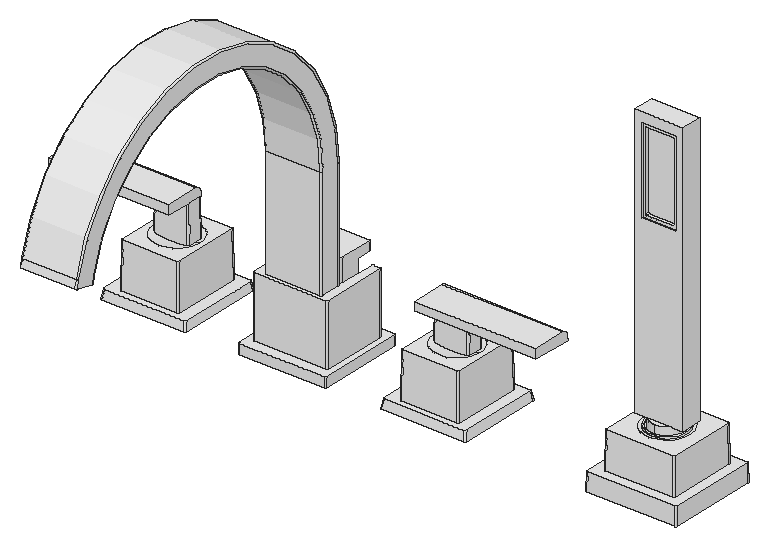
Revit family (continued)
Dimensions and locks (in)
  aligned: Blend 13 to plane 16  (x2)
  aligned and locked: Extrusion 14 to Blend 12
  aligned and locked: Blend 12 to plane 16
  aligned and locked: Blend 13 to plane 16
  aligned and locked: Blend 7 to plane 17
  aligned and locked: plane 17 to cut or joined group of Blend 9, Revolve 11
  aligned and locked: Blend 6 to plane 17
  aligned and locked: plane 17 to cut or joined group of Blend 8, Revolve 10, Revolve 11
  aligned and locked: plane 13 to Extrusion 16
  aligned and locked: plane 2 to Extrusion 16
  aligned and locked: Extrusion 15 to curve 1
  aligned and locked: curve 2 to Extrusion 15
  aligned and locked: curve 3 to Extrusion 15
  aligned and locked: curve 4 to cut or joined group of Blend 9, Revolve 11
  aligned and locked: curve 6 to cut or joined group of Blend 9, Revolve 11
  aligned and locked: curve 8 to cut or joined group of Blend 9, Revolve 11
  aligned and locked: curve 10 to cut or joined group of Blend 9, Revolve 11
  aligned and locked: curve 12 to cut or joined group of Blend 9, Revolve 11
  aligned and locked: Extrusion 15 to curve 5
  aligned and locked: curve 1 to curve 13
  aligned and locked: Sweep 5 to curve 14
  aligned and locked: curve 15 to Sweep 5
  aligned and locked: curve 17 to Sweep 5
  aligned and locked: cut or joined group of Extrusion 1, Extrusion 4 to curve 18
  aligned and locked: cut or joined group of Extrusion 1, Extrusion 4 to curve 14
  aligned and locked: curve 19 to Extrusion 2
  aligned and locked: curve 20 to Extrusion 2
  aligned and locked: curve 21 to Extrusion 2
  aligned and locked: curve 22 to Extrusion 2
  aligned and locked: curve 24 to Extrusion 2
  aligned and locked: curve 26 to Extrusion 2
  aligned and locked: curve 28 to Extrusion 2
  aligned and locked: curve 29 to Extrusion 2
  aligned and locked: curve 31 to Extrusion 2
  aligned and locked: curve 32 to Extrusion 14
  aligned and locked: curve 33 to Extrusion 14
  aligned and locked: Extrusion 14 to curve 34
  aligned and locked: Blend 6 to curve 32
  aligned and locked: Blend 6 to curve 34
  aligned and locked: curve 35 to cut or joined group of Blend 8, Revolve 10, Revolve 11
  aligned and locked: curve 37 to cut or joined group of Blend 8, Revolve 10, Revolve 11
  aligned and locked: curve 39 to cut or joined group of Blend 8, Revolve 10, Revolve 11
  aligned and locked: curve 41 to cut or joined group of Blend 8, Revolve 10, Revolve 11
  aligned and locked: curve 43 to cut or joined group of Blend 8, Revolve 10, Revolve 11
  aligned and locked: curve 32 to curve 40
  aligned and locked: Extrusion 14 to curve 44
  aligned and locked: Sweep 5 to Masking region 1 sketch curve
  aligned and locked: Masking region 1 sketch curve to Sweep 5  (x2)
  aligned and locked: Masking region 1 sketch curve to cut or joined group of Extrusion 1, Extrusion 4  (x4)
  aligned and locked: cut or joined group of Extrusion 1, Extrusion 4 to Masking region 1 sketch curve
  aligned and locked: Masking region 2 sketch curve to Blend 7  (x4)
  aligned and locked: Masking region 2 sketch curve to Extrusion 15  (x3)
  aligned and locked: Blend 7 to Masking region 2 sketch curve
  aligned and locked: Masking region 3 sketch curve to Blend 6  (x4)
  aligned and locked: Extrusion 14 to Masking region 3 sketch curve  (x2)
  aligned and locked: Masking region 3 sketch curve to Extrusion 14
  aligned and locked: Blend 6 to Masking region 3 sketch curve
  aligned and locked: plane 1 "Center (Front/Back)" to curve 47
  aligned and locked: plane 3 "Center (Left/Right)" to curve 47
  aligned and locked: plane 14 to Blend 18
  aligned and locked: Blend 17 to plane 14
  aligned and locked: Blend 17 to plane 2
  aligned and locked: Blend 18 to plane 15
  aligned and locked: Blend 12 to Extrusion 22
  aligned and locked: cut or joined group of Blend 18, Extrusion 19, Sweep 20, Extrusion 21, Extrusion 22 to Extrusion 23
  aligned and locked: Extrusion 23 to Extrusion 24
  aligned and locked: Extrusion 25 to Extrusion 24
  aligned and locked: Masking region 4 sketch curve to Blend 17  (x4)
Automatic sketch dimensions
  Sweep 20 sketch curve to profile plane = 0' - 0"
  Blend 9 sketch curve to plane 11 = 0' - 0.43701"
  plane 6 to Blend 9 sketch curve = 0' - 0.81299"
  plane 9 to Revolve 10 sketch curve = 0' - 0.02362"
  plane 16 to Revolve 10 sketch curve = 0' - 0.17323"
  Revolve 11 sketch curve to plane 9 = 0' - 0.02362"
  Revolve 11 sketch curve to plane 16 = 0' - 0.17323"
  Masking region 1 sketch curve to Masking region 1 sketch curve = 0' - 0.04331"
  Masking region 1 sketch curve to Masking region 1 sketch curve = 0' - 0.08661"
  plane 18 to Masking region 1 sketch curve = 0' - 0.04235"  (x2)
  curve 32 to plane 1 "Center (Front/Back)" = 0' - 0.23297"
  curve 13 to plane 1 "Center (Front/Back)" = 0' - 0.23297"
  plane 11 to curve 35 = 0' - 0.09461"
  plane 11 to curve 4 = 0' - 0.09461"
  curve 3 to curve 10 = 0' - 0.05906"
  curve 34 to curve 41 = 0' - 0.05906"
  curve 20 to plane 11 = 0' - 0.36811"
  curve 20 to curve 45 = 0' - 0.04331"
  curve 1 to curve 13 = 0' - 0.38976"
  curve 3 to curve 5 = 0' - 0.38976"
Connectors (in)
  piping at (-4, 0, 0), driven by "Hot Water Connection Radius", driven by "HWFU", driven by "Flow Pressure"
    settings: on Extrusion 16, index 1
  piping at (4, 0, 0), driven by "Cold Water Connection Radius", driven by "CWFU", driven by "Flow Pressure"
    settings: on Extrusion 16, index 2
Types (3): name | Product URL | Model | Finish
  (no name) | "http://www.deltafaucet.com/bath/details/T4753.html" | "T4753" | Chrome - DELTA - Polished
  Polished Chrome | "http://www.deltafaucet.com/bath/details/T4753.html" | "T4753" | Chrome - DELTA - Polished
  Brilliance Stainless | "http://www.deltafaucet.com/bath/details/T4753-SS.html" | "T4753-SS" | Steel - DELTA - Brilliance Stainless
